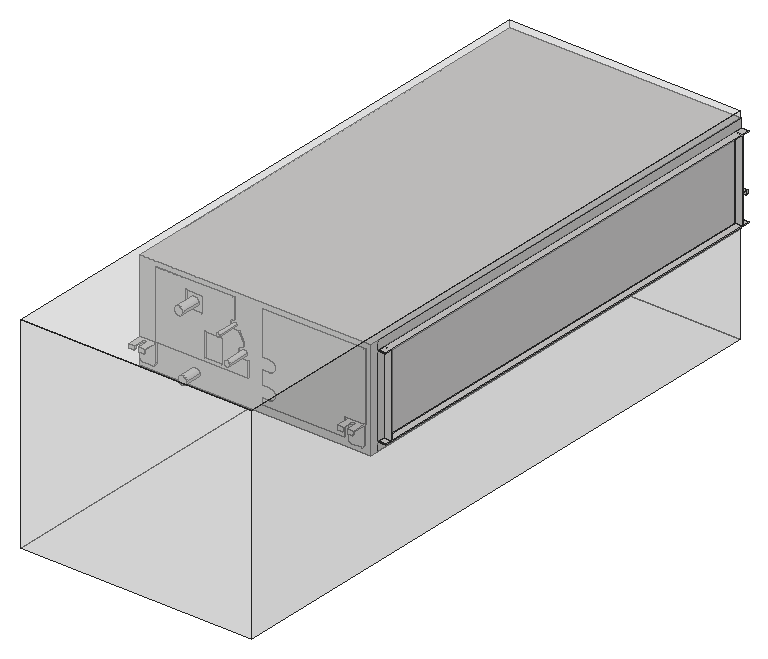
Revit family "outputfile", category 機械設備, Revit 2024
Family settings
  丸型コネクタ寸法 = 半径を使用
  パーツ タイプ = 標準
  OmniClass 番号 = 23.75.10.24.21.27.27
  OmniClass タイトル = Split System Air Conditioning Units
  作業面ベース = いいえ
  常に垂直 = はい
  ロード時にボイドで切り取り = いいえ
  注釈の向きを維持 = いいえ
  共有 = いいえ
  部屋計算ポイント = はい
Parameters (values of type "FDMA140AV1A")
  Description = ""
  製造元 = "Daikin"
  書き出し IFC クラス(タイプ) = "IfcUnitaryEquipmentType"
  定義済み IFC タイプ(タイプ) = "AIRCONDITIONINGUNIT"
  Cost = 0
  モデル = "FDMA140AV1A"
  Type Comments = ""
  Keynote = ""
  Type Image = (empty or 0)
  Assembly Code = ""
  switch_frequency = yes
  r_Liquid Pipe Size = Liquid Pipe Size / 2  # 4.75 mm
  r_Gas Pipe Size = Gas Pipe Size / 2  # 7.95 mm
  r_Drain Pipe Size = Drain Pipe Size / 2  # 12.5 mm
  lw_power = 395.0 mm  # constant formula
  lw_mountinghole1 = if(Depth = 1000.0 mm, 27.0 mm, if(Depth = 1400.0 mm, 28.0 mm, 27.0 mm))  # 28.0 mm
  lh_SA = 165.0 mm  # constant formula
  lw_SA = if(Depth = 550.0 mm, 225.0 mm, if(Depth = 700.0 mm, 300.0 mm, if(Depth = 1000.0 mm, 435.0 mm, if(Depth = 1400.0 mm, 635.0 mm, 725.0 mm))))  # 635.0 mm
  lw_RA = if(Depth = 550.0 mm, 275.0 mm, if(Depth = 700.0 mm, 349.0 mm, if(Depth = 1000.0 mm, 513.0 mm, if(Depth = 1400.0 mm, 713.0 mm, 775.0 mm))))  # 713.0 mm
  lh_power = 60.0 mm + [h***]  # 60.0 mm
  lh_mountinghole1 = lh_mountinghole + [h***]  # 80.0 mm
  lh_RA = 150.0 mm  # constant formula
  ld_power = Depth / 2  # 700.0 mm
  connector_voltage = Voltage_50Hz  # 230 V
  connector_powerinput = [Power Input (Cooling)]  # 4.460 kW
  connector_phase = Phase_50Hz  # 1
  Voltage_comment_50Hz = "220 - 240"
  Voltage_50Hz = 230 V
  URL = ""
  Total Heating Capacity [instance] = 0.000 kW
  Supply Air Direction [instance] = yes
  Sound Power Level_H speed (dB) = 0
  Power Input (Heating) = 4.780 kW
  Phase_50Hz = 1
  Nominal Heating Capacity = 16.500 kW
  Minimum External Static Pressure = 50.00 Pa
  Minimum Circuit Amps_50Hz = 0.0 A
  Maximum Fuse Amps_50Hz = 0.0 A
  Maximum External Static Pressure = 200.00 Pa
  Material_Casing = DAIKIN_GalvanizedSteel_Casing_indoorunit
  lw_mountinghole = 631.0 mm  # constant formula
  lh_gaspipe = 144.0 mm + [h***]  # 144.0 mm
  lh_mountinghole = 80.0 mm  # constant formula
  lh_liquidpipe = 212.0 mm + [h***]  # 212.0 mm
  lh_drainpipe = 232.0 mm + [h***]  # 232.0 mm
  lh_antena = Height - lh_mountinghole + 1.0 mm  # 221.0 mm
  ld_drainpipe = Depth / 2 + 59.0 mm  # 759.0 mm
  ld_liquidpipe = Depth / 2 + 65.0 mm  # 765.0 mm
  ld_gaspipe = Depth / 2 + 65.0 mm  # 765.0 mm
  ld_mountinghole = Depth + 38.0 mm  # 1438.0 mm
  h*** = 0.0 mm  # constant formula
  lw_liquidpipe = 290.0 mm  # constant formula
  lw_gaspipe = 290.0 mm + 28.0 mm  # 318.0 mm
  lw_drainpipe = 167.0 mm  # constant formula
  Width = 700.0 mm
  Version = "ver.1.0"
  Unit Type = "Duct"
  Unit Mass Weight = 95.00 kg
  Unit Designation [instance] = ""
  Uniclass2015Version = "Products v1.30"
  Uniclass2015Title = "Split coil room air conditioning units"
  Uniclass2015Code = "Pr_70_65_03_86"
  Total Cooling Capacity [instance] = 0.000 kW
  Sound Pressure Level_M speed (dBA) = 0
  Sound Pressure Level_L speed (dBA) = 0
  Sound Pressure Level_H speed (dBA) = 52
  Series = "SkyAir_Fan Coil Unit"
  Sensible Cooling Capacity [instance] = 0.000 kW
  SA Duct Size Width = 1160.0 mm
  SA Duct Size Height = 215.0 mm
  Refrigerant Type = "R32"
  RA Duct Size Width = 1325.0 mm
  RA Duct Size Height = 247.0 mm
  Power Input (Cooling) = 4.460 kW
  Option Accessory 3 [instance] = ""
  Option Accessory 2 [instance] = ""
  Option Accessory 1 [instance] = ""
  Nominal Cooling Capacity = 14.000 kW
  Minimum Airflow = 0.00 m³/h
  Median Airflow = 0.00 m³/h
  Maximum Airflow = 5220.00 m³/h
  Load Classification = HVAC
  Liquid Pipe Size = 9.5 mm
  Link_Nested Family [instance] = ""
  IfcVersion = ""
  IfcExportType = "AIRCONDITIONINGUNIT"
  IfcExportAs = "IfcUnitaryEquipmentType"
  Height = 300.0 mm
  Heating Entering Wet Bulb Temperature [instance] = -273.15 °C
  Heating Entering Dry Bulb Temperature [instance] = -273.15 °C
  Heating Ambient Wet Bulb Temperature [instance] = -273.15 °C
  Heating Ambient Dry Bulb Temperature [instance] = -273.15 °C
  Heat Exchanger Type = "Cross Fin Coil"
  Gas Pipe Size = 15.9 mm
  Frequency_50Hz = 50 Hz
  Fan Type = "Sirocco Fan"
  Fan Drive = "-"
  FCU Tag No. [instance] = ""
  Drain Pipe Size = 25.0 mm
  Design Supply Airflow [instance] = 0.00 m³/h
  Design Return Airflow [instance] = 0.00 m³/h
  Design External Static Pressure [instance] = 0.00 Pa
  Depth = 1400.0 mm
  既定の高さ = 0.0 mm
  Cooling Entering Wet Bulb Temperature [instance] = 0.00 °C
  Cooling Entering Dry Bulb Temperature [instance] = 0.00 °C
  Cooling Ambient Wet Bulb Temperature [instance] = 0.00 °C
  Cooling Ambient Dry Bulb Temperature [instance] = 0.00 °C
  Clearance visibility [instance] = yes
  Clearance Top = 20.0 mm
  Clearance Right = 0.0 mm
  Clearance Rear = 0.0 mm
  Clearance Left = 0.0 mm
  Clearance Front = 450.0 mm
  Clearance Bottom = 300.0 mm
Reference planes
  plane 1 "Center (Front/Back)": y = 0
  plane 2 "h": z = 0
  plane 3 "Center (Left/Right)": x = 0
  plane 4 "Back": y = 700
  plane 5 "Front": y = -700
  plane 6 "Left": x = -350
  plane 7 "Right": x = 350
  plane 8 "Top": z = 0
  plane 9 "Bottom": z = -300
  plane 10: y = -215
  plane 11: y = 700
  plane 12: y = -1150
  plane 13: x = -350
  plane 14: x = 350
  plane 15: z = 20
  plane 16: z = -600
  plane 17: x = -350
  plane 18: x = -349
  plane 19: x = 349
  plane 20: y = 65
  plane 21: y = 13
  plane 22: z = -150
  plane 23: y = -701
  plane 24: z = -88
  plane 25: x = -60
  plane 26: y = -765
  plane 27: z = -156
  plane 28: x = -32
  plane 29: y = -759
  plane 30: z = -68
  plane 31: x = -183
  plane 32: x = -183
  plane 33: x = -60
  plane 34: x = -32
  plane 35: x = 45
  plane 36: x = -322
  plane 37: x = 309
  plane 38: y = -719
  plane 39: y = 719
  plane 40: z = -220
  plane 41: z = -135
  plane 42: y = -765
  plane 43: y = -376
  plane 44: y = -699
  plane 45: x = -373
  plane 46: x = 373
  plane 47: y = -749
Forms (mm)
  Extrusion 1, solid, material "DAIKIN_GalvanizedSteel_Casing_indoorunit" <- "Material_Casing"
    sketch origin (0, 0, 0) x (1, 0, 0) y (0, 1, 0)
      loop
        line (-349, 700) -> (-349, -700) -> (349, -700) -> (349, 700) -> (-349, 700)
    from -300 to 0
  Extrusion 2, solid, material "DAIKIN_GalvanizedSteel_Casing_indoorunit" <- "Material_Casing"
    sketch origin (0, 0, 0) x (1, 0, 0) y (0, 0, 1)
      loop
        line (-298.499, -219) -> (-20, -219) -> (-20, -172.5) -> (-37.831, -172.5)
        arc (-37.831, -172.5) -> (-49.389, -154.034) -> (-34, -138.615) r 17.5
        line (-34, -138.615) -> (-34, -127.5) -> (-47, -100.5) -> (-63.571, -100.5)
        arc (-63.571, -100.5) -> (-72.874, -86.197) -> (-60, -75) r 13
        line (-60, -75) -> (-60, -14) -> (-298.499, -14) -> (-298.499, -219)
      loop
        line (-158.5, -43.5) -> (-207.5, -43.5) -> (-207.5, -92.5) -> (-158.5, -92.5) -> (-158.5, -43.5)
      loop
        line (-150.563, -137.796) -> (-150.563, -209.857) -> (-96.517, -209.857) -> (-96.517, -137.796) -> (-150.563, -137.796)
    from 700 to 701
  Extrusion 3, solid, material "DAIKIN_GalvanizedSteel_Casing_indoorunit" <- "Material_Casing"
    sketch origin (0, 0, 0) x (1, 0, 0) y (0, 0, 1)
      loop
        line (23.104, -274.802) -> (272.104, -274.802) -> (272.104, -219.802) -> (335, -219.802) -> (335, -15.8) -> (23.104, -15.8) -> (23.104, -146.302) -> (46.104, -146.302)
        arc (46.104, -146.302) -> (63.604, -163.802) -> (46.104, -181.302) r 17.5
        line (46.104, -181.302) -> (23.104, -181.302) -> (23.104, -222.302) -> (46.104, -222.302)
        arc (46.104, -222.302) -> (63.604, -239.802) -> (46.104, -257.302) r 17.5
        line (46.104, -257.302) -> (23.104, -257.302) -> (23.104, -274.802)
    from 700 to 701
  Extrusion 4, solid, material "DAIKIN_GalvanizedSteel_Casing_indoorunit" <- "Material_Casing"
    sketch origin (0, 0, 0) x (1, 0, 0) y (0, 0, 1)
      loop
        circle (-60, -88) r 4.75
    from 700 to 765
  Extrusion 5, solid, material "DAIKIN_GalvanizedSteel_Casing_indoorunit" <- "Material_Casing"
    sketch origin (0, 0, 0) x (1, 0, 0) y (0, 0, 1)
      loop
        circle (-32, -156) r 7.95
    from 700 to 765
  Extrusion 6, solid, material "DAIKIN_GalvanizedSteel_Casing_indoorunit" <- "Material_Casing"
    sketch origin (0, 0, 0) x (1, 0, 0) y (0, 0, 1)
      loop
        circle (-183, -68) r 12.5
    from 700 to 759
  Extrusion 7, solid, material "DAIKIN_GalvanizedSteel_Casing_indoorunit" <- "Material_Casing"
    sketch origin (0, 0, 0) x (1, 0, 0) y (0, 0, 1)
      loop
        circle (-180, -260) r 12.5
    from 700 to 749
Dimensions and locks
  "Height": plane 8 "Top" to plane 9 "Bottom"
  equal spacing: plane 4 "Back", plane 1 "Center (Front/Back)", plane 5 "Front"
  "Depth": plane 4 "Back" to plane 5 "Front"
  equal spacing: plane 6 "Left", plane 3 "Center (Left/Right)", plane 7 "Right"
  "Width": plane 6 "Left" to plane 7 "Right"
  "Clearance Left": plane 13 to plane 6 "Left"
  "Clearance Right": plane 7 "Right" to plane 14
  "Clearance Rear": plane 11 to plane 4 "Back"
  "Clearance Front": plane 5 "Front" to plane 12
  "Clearance Top": plane 15 to plane 8 "Top"
  "Clearance Bottom": plane 9 "Bottom" to plane 16
  locked: plane 17 to plane 18 at 1
  locked: plane 19 to plane 14 at 1
  "lw_RA": plane 21 to plane 5 "Front"
  "lh_RA": plane 22 to plane 9 "Bottom"
  locked: plane 5 "Front" to plane 23 at 1
  "lw_liquidpipe": plane 25 to plane 6 "Left"
  "lh_liquidpipe": plane 24 to plane 9 "Bottom"
  "lh_gaspipe": plane 27 to plane 9 "Bottom"
  "lw_gaspipe": plane 28 to plane 6 "Left"
  "ld_gaspipe": plane 26 to plane 1 "Center (Front/Back)"
  "ld_drainpipe": plane 29 to plane 1 "Center (Front/Back)"
  "lh_drainpipe": plane 30 to plane 9 "Bottom"
  "lw_drainpipe": plane 31 to plane 6 "Left"
  "lw_drainpipe": plane 6 "Left" to plane 32
  "lw_liquidpipe": plane 6 "Left" to plane 33
  "lw_gaspipe": plane 6 "Left" to plane 34
  "lw_power": plane 6 "Left" to plane 35
  "lw_mountinghole1": plane 17 to plane 36
  "lw_mountinghole": plane 36 to plane 37
  equal spacing: plane 38, plane 1 "Center (Front/Back)", plane 39
  "ld_mountinghole": plane 39 to plane 38
  "lh_mountinghole": plane 40 to plane 9 "Bottom"
  "lh_SA": plane 41 to plane 9 "Bottom"
  locked: plane 44 to plane 5 "Front" at 1
  locked: plane 45 to plane 17 at 23
  locked: plane 14 to plane 46 at 23
  "ld_liquidpipe": plane 42 to plane 1 "Center (Front/Back)"
  locked: Extrusion 7 sketch curve to plane 18 at 169
  locked: Extrusion 7 sketch curve to plane 9 "Bottom" at 40
  locked: Extrusion 2 sketch curve to Extrusion 2 sketch curve at 205
  locked: Extrusion 2 sketch curve to Extrusion 2 sketch curve at 86.5
  locked: Extrusion 2 sketch curve to Extrusion 2 sketch curve at 72
  locked: Extrusion 2 sketch curve to Extrusion 2 sketch curve at 49  (x2)
  locked: Extrusion 2 sketch curve to Extrusion 2 sketch curve at 29.5
  locked: Extrusion 2 sketch curve to Extrusion 2 sketch curve at 72.061
  locked: Extrusion 2 sketch curve to Extrusion 2 sketch curve at 54.046
  locked: Extrusion 2 sketch curve to Extrusion 2 sketch curve at 98.5
  Extrusion 2 sketch curve to connector elem = 40.0 mm
  locked: Extrusion 2 sketch curve to Extrusion 2 sketch curve at 9.143
  locked: Extrusion 2 sketch curve to plane 18 at 50.501
  locked: plane 5 "Front" to plane 47 at 49
  "lw_SA": plane 4 "Back" to plane 20
  "r_Liquid Pipe Size": radius of Extrusion 4 sketch curve
  "r_Gas Pipe Size": radius of Extrusion 5 sketch curve
  "r_Drain Pipe Size": radius of Extrusion 6 sketch curve
  aligned and locked: level to plane 2 "h"
  aligned and locked: plane 8 "Top" to Extrusion 1
  aligned and locked: Extrusion 1 to plane 9 "Bottom"
  aligned and locked: nested 5 to plane 12
  aligned and locked: plane 13 to nested 5
  aligned and locked: plane 14 to nested 5
  aligned and locked: nested 5 to plane 13
  aligned and locked: plane 11 to nested 5
  aligned and locked: plane 15 to nested 5
  aligned and locked: plane 16 to nested 5
  aligned and locked: plane 5 "Front" to Extrusion 1 sketch curve
  aligned and locked: Extrusion 1 to plane 18
  aligned and locked: plane 19 to Extrusion 1
  aligned and locked: nested 7 to plane 18
  aligned and locked: nested 7 to plane 20
  aligned and locked: plane 19 to nested 8
  aligned and locked: plane 21 to nested 8
  aligned and locked: plane 22 to nested 8
  aligned and locked: Extrusion 2 to plane 23
  aligned and locked: plane 5 "Front" to Extrusion 2
  aligned and locked: plane 5 "Front" to Extrusion 3
  aligned and locked: Extrusion 4 sketch curve to plane 25
  aligned and locked: plane 24 to Extrusion 4 sketch curve
  aligned and locked: plane 5 "Front" to Extrusion 4
  aligned and locked: Extrusion 5 sketch curve to plane 28
  aligned and locked: plane 27 to Extrusion 5 sketch curve
  aligned and locked: plane 5 "Front" to Extrusion 5
  aligned and locked: Extrusion 6 sketch curve to plane 31
  aligned and locked: Extrusion 6 sketch curve to plane 30
  aligned and locked: Extrusion 6 to plane 29
  aligned and locked: nested 3 to plane 29
  aligned and locked: nested 3 to plane 32
  aligned and locked: nested 2 to plane 33
  aligned and locked: nested 1 to plane 34
  aligned and locked: Extrusion 5 to plane 26
  aligned and locked: nested 1 to plane 26
  aligned and locked: nested 6 to plane 5 "Front"
  aligned and locked: nested 6 to plane 35
  aligned and locked: plane 36 to nested 10
  aligned and locked: nested 10 to plane 5 "Front"
  aligned and locked: plane 37 to nested 9
  aligned and locked: nested 9 to plane 5 "Front"
  aligned and locked: nested 11 to plane 36
  aligned and locked: plane 4 "Back" to nested 11
  aligned and locked: nested 12 to plane 37
  aligned and locked: plane 4 "Back" to nested 12
  aligned and locked: plane 40 to nested 10
  aligned and locked: plane 40 to nested 11
  aligned and locked: plane 40 to nested 9
  aligned and locked: plane 40 to nested 12
  aligned and locked: plane 36 to nested 14
  aligned and locked: nested 14 to plane 39
  aligned and locked: plane 37 to nested 13
  aligned and locked: nested 13 to plane 39
  aligned and locked: plane 37 to nested 16
  aligned and locked: plane 38 to nested 16
  aligned and locked: plane 38 to nested 15
  aligned and locked: plane 36 to nested 15
  aligned and locked: plane 17 to plane 6 "Left"
  aligned and locked: plane 41 to nested 7
  aligned and locked: Extrusion 4 to plane 42
  aligned and locked: nested 2 to plane 42
  aligned and locked: Extrusion 3 to plane 23
  aligned and locked: nested 17 to plane 20
  aligned and locked: nested 17 to plane 45
  aligned and locked: plane 21 to nested 18
  aligned and locked: plane 46 to nested 18
  aligned and locked: plane 41 to nested 17
  aligned and locked: nested 18 to plane 22
  aligned and locked: nested 4 to plane 3 "Center (Left/Right)"
  aligned and locked: plane 1 "Center (Front/Back)" to nested 4
  aligned and locked: level to plane 8 "Top"
  aligned and locked: plane 5 "Front" to Extrusion 6
  aligned and locked: plane 5 "Front" to Extrusion 7
  aligned and locked: Extrusion 7 to plane 47
Automatic sketch dimensions
  plane 6 "Left" to Extrusion 1 sketch curve = 1.0 mm
  Extrusion 1 sketch curve to plane 7 "Right" = 1.0 mm
  Extrusion 1 sketch curve to plane 4 "Back" = 0.0 mm
  Extrusion 2 sketch curve to Extrusion 2 sketch curve = 13.0 mm
  Extrusion 2 sketch curve to Extrusion 2 sketch curve = 16.571 mm
  plane 41 to Extrusion 2 sketch curve = 7.5 mm
  Extrusion 2 sketch curve to plane 41 = 3.615 mm
  Extrusion 2 sketch curve to Extrusion 2 sketch curve = 2.0 mm
  Extrusion 2 sketch curve to Extrusion 2 sketch curve = 5.831 mm
  plane 40 to Extrusion 2 sketch curve = 1.0 mm
  Extrusion 2 sketch curve to Extrusion 2 sketch curve = 12.5 mm
  Extrusion 2 sketch curve to plane 33 = 90.563 mm
  plane 3 "Center (Left/Right)" to Extrusion 3 sketch curve = 23.104 mm
  Extrusion 3 sketch curve to level = 15.8 mm
  Extrusion 3 sketch curve to plane 19 = 14.0 mm
  plane 40 to Extrusion 3 sketch curve = 0.198 mm
  Extrusion 3 sketch curve to plane 37 = 36.896 mm
  plane 9 "Bottom" to Extrusion 3 sketch curve = 25.198 mm  (x2)
  Extrusion 2 sketch curve to plane 33 = 147.5 mm
  Extrusion 2 sketch curve to Extrusion 2 sketch curve = 17.831 mm
  plane 35 to Extrusion 3 sketch curve = 1.104 mm  (x2)
  plane 22 to Extrusion 3 sketch curve = 3.698 mm
  Extrusion 3 sketch curve to plane 40 = 2.302 mm
  Extrusion 3 sketch curve to Extrusion 3 sketch curve = 17.5 mm
  Extrusion 3 sketch curve to plane 22 = 31.302 mm
  Extrusion 3 sketch curve to plane 35 = 21.896 mm
  Extrusion 3 sketch curve to Extrusion 3 sketch curve = 0.0 mm
  radius of Extrusion 7 sketch curve = 12.5 mm
Nested families
  nested 1: "daikin_connector_rotate2" at (-32, 0, -156), length <- "ld_gaspipe", built-in parameter 1001364 <- "lh_gaspipe", radius <- "r_Gas Pipe Size", type "daikin_connector_rotate2"
    with radius 7.95 mm, length 765.0 mm, angle_vertical 90.00°
  nested 2: "daikin_connector_rotate2" at (-60, 0, -88), length <- "ld_liquidpipe", built-in parameter 1001364 <- "lh_liquidpipe", radius <- "r_Liquid Pipe Size", type "daikin_connector_rotate2"
    with radius 4.75 mm, length 765.0 mm, angle_vertical 90.00°
  nested 3: "daikin_connector_rotate2" at (-183, 0, -68), length <- "ld_drainpipe", built-in parameter 1001364 <- "lh_drainpipe", radius <- "r_Drain Pipe Size", type "daikin_connector_rotate2"
    with radius 12.5 mm, length 759.0 mm, angle_vertical 90.00°
  nested 4: "daikin_△_symbolicline" at (0, 0, 300) x (0, -1, 0) z (0, 0, 1), built-in parameter 1001364 <- "Height", visible <- "Supply Air Direction", type "daikin_△_symbolicline"
    with length 200.0 mm
  nested 5: "daikin_clearancespace" at (0, -225, -289.881), visible <- "Clearance visibility", show <- "Clearance visibility", Link_Nested Family <- "Link_Nested Family", type "daikin_clearancespace"
    with width 700.0 mm, show yes, height 620.0 mm, depth 1850.0 mm, Link_Nested Family ""
  nested 6: "daikin_connector_rotate2" at (45, 0, -240), built-in parameter 1001364 <- "lh_power", length <- "ld_power", type "daikin_connector_rotate2"
    with radius 10.0 mm, length 700.0 mm, angle_vertical 90.00°
  nested 7: "daikin_ductflange_FDMA-AV1A2" at (-349, 65, -135) x (0, -1, 0) z (0, 0, 1), type "daikin_ductflange_FDMA-AV1A2"
    with width 1160.0 mm, w 1400.0 mm
  nested 8: "daikin_ductflange_FDMA-AV1A" at (349, 13, -150) x (0, 1, 0) z (0, 0, 1), type "daikin_ductflange_FDMA-AV1A"
    with width 1325.0 mm, w 1400.0 mm
  nested 9: "daikin_hangerfixture_FDMA-AV1A" at (309, -700, -220), type "daikin_hangerfixture_FDMA-AV1A"
  nested 10: "daikin_hangerfixture_FDMA-AV1A" at (-322, -700, -220), type "daikin_hangerfixture_FDMA-AV1A"
  nested 11: "daikin_hangerfixture_FDMA-AV1A" at (-322, 700, -220) x (-1, 0, 0) z (0, 0, 1), type "daikin_hangerfixture_FDMA-AV1A"
  nested 12: "daikin_hangerfixture_FDMA-AV1A" at (309, 700, -220) x (-1, 0, 0) z (0, 0, 1), type "daikin_hangerfixture_FDMA-AV1A"
  nested 13: "daikin_mountinghole" at (309, 719, -300), h_mountinghole <- "lh_mountinghole1", l_antenna <- "lh_antena", Link_Nested Family <- "Link_Nested Family", type "daikin_mountinghole"
    with show yes, l_antenna 221.0 mm, h_mountinghole 80.0 mm, Link_Nested Family ""
  nested 14: "daikin_mountinghole" at (-322, 719, -300), h_mountinghole <- "lh_mountinghole1", l_antenna <- "lh_antena", Link_Nested Family <- "Link_Nested Family", type "daikin_mountinghole"
    with show yes, l_antenna 221.0 mm, h_mountinghole 80.0 mm, Link_Nested Family ""
  nested 15: "daikin_mountinghole" at (-322, -719, -300), h_mountinghole <- "lh_mountinghole1", l_antenna <- "lh_antena", Link_Nested Family <- "Link_Nested Family", type "daikin_mountinghole"
    with show yes, l_antenna 221.0 mm, h_mountinghole 80.0 mm, Link_Nested Family ""
  nested 16: "daikin_mountinghole" at (309, -719, -300), h_mountinghole <- "lh_mountinghole1", l_antenna <- "lh_antena", Link_Nested Family <- "Link_Nested Family", type "daikin_mountinghole"
    with show yes, l_antenna 221.0 mm, h_mountinghole 80.0 mm, Link_Nested Family ""
  nested 17: "daikin_connector_rotate2" at (-349, 65, -135) x (0, -1, 0) z (0, 0, 1), type "daikin_connector_rotate2"
    with radius 10.0 mm, length 24.0 mm, angle_vertical 90.00°
  nested 18: "daikin_connector_rotate2" at (349, 13, -150) x (0, 1, 0) z (0, 0, 1), type "daikin_connector_rotate2"
    with radius 10.0 mm, length 24.0 mm, angle_vertical 90.00°
Connectors
  piping at (-183, -759, -68), diameter 25, driven by "r_Drain Pipe Size"
    settings: on nested 3, index 3, connector inside diameter 609.6 mm, connector length 0.0 mm, flow factor 0, pipe flow 0.00 m³/h, pressure drop 0.0 Pa, fitting loss kfactor 0, connector angle 0.00°, fixture units 0, engagement length 0.0 mm, angle of deflection 0.00°, flow configuration 1, flow direction 2, fitting loss method 4, system type 16, joint type 0, gender type 0, connector reference index -1, connector utility 0, adjustable connector no, is connector primary yes, connector description "Condensate Drain Piping"
  piping at (-32, -765, -156), diameter 15.9, driven by "r_Gas Pipe Size"
    settings: on nested 1, index 4, connector inside diameter 609.6 mm, connector length 0.0 mm, flow factor 0, pipe flow 0.00 m³/h, pressure drop 0.0 Pa, fitting loss kfactor 0, connector angle 0.00°, fixture units 0, engagement length 0.0 mm, angle of deflection 0.00°, flow configuration 1, flow direction 2, fitting loss method 0, system type 29, joint type 0, gender type 0, connector reference index -1, connector utility 0, adjustable connector no, is connector primary no, connector description "Refrigerant Gas Piping"
  piping at (-60, -765, -88), diameter 9.5, driven by "r_Liquid Pipe Size"
    settings: on nested 2, index 5, connector inside diameter 609.6 mm, connector length 0.0 mm, flow factor 0, pipe flow 0.00 m³/h, pressure drop 0.0 Pa, fitting loss kfactor 0, connector angle 0.00°, fixture units 0, engagement length 0.0 mm, angle of deflection 0.00°, flow configuration 1, flow direction 1, fitting loss method 0, system type 29, joint type 0, gender type 0, connector reference index -1, connector utility 0, adjustable connector no, is connector primary no, connector description "Refrigerant Liquid Piping"
  electrical at (45, -700, -240), driven by "Load Classification", driven by "connector_phase", driven by "connector_powerinput", driven by "connector_voltage"
    settings: on nested 6, index 6, voltage 230 V, apparent load 4460 VA, apparent load phase1 0 VA, apparent load phase2 0 VA, apparent load phase3 0 VA, power factor 1, load classification "HVAC", number of poles 1, system type 30, power factor state 1, is connector primary yes, connector utility no, sub classification motor no, connector description "Power Supply"
  hvac at (-373, 65, -135), driven by "SA Duct Size Height", driven by "SA Duct Size Width"
    settings: on nested 17, index 7, duct flow 0.00 m³/h, flow factor 0, pres drop 0.00 Pa, loss coef 0, conn angle 0.00°, conn width 1160.0 mm, conn height 215.0 mm, conn diameter 609.6 mm, duct sys type 1, conn prof type 1, flow config 0, flow direction 2, loss method 4, conn ref index -1, conn util no, is conn primary yes, conn desc "SA Duct"
  hvac at (373, 13, -150), driven by "RA Duct Size Height", driven by "RA Duct Size Width"
    settings: on nested 18, index 8, duct flow 0.00 m³/h, flow factor 0, pres drop 0.00 Pa, loss coef 0, conn angle 0.00°, conn width 1325.0 mm, conn height 247.0 mm, conn diameter 609.6 mm, duct sys type 2, conn prof type 1, flow config 0, flow direction 1, loss method 4, conn ref index -1, conn util no, is conn primary no, conn desc "RA Duct"
Definition of nested family "daikin_clearancespace"
  Parameters (values of type "daikin_clearancespace")
    Description = "daikin_clearancespace"
    width [instance] = 1823.963 mm
    show [instance] = yes
    material = none
    height [instance] = 1359.762 mm
    depth [instance] = 880.0 mm
    Default Elevation = 0.0 mm
    Link_Nested Family [instance] = ""
  Reference planes
    plane 1 "Center (Front/Back)": y = 0
    plane 2 "Center (Elevation)": z = -0.119
    plane 3 "Center (Left/Right)": x = 0
    plane 4: y = 440
    plane 5: y = -440
    plane 6 "Right": x = 911.982
    plane 7 "Left": x = -911.982
    plane 8 "Top": z = 679.762
    plane 9 "Bottom": z = -680
  Forms (mm)
    Extrusion 1, solid, material <- "material", visible <- "show"
      sketch origin (0, 0, 0) x (1, 0, 0) y (0, 1, 0)
        loop
          line (-911.982, 440) -> (-911.982, -440) -> (911.982, -440) -> (911.982, 440) -> (-911.982, 440)
      from -680 to 679.762
  Lines and regions (mm)
    symbolic lines, visible <- "show"
      curve 1: line (911.982, 440, 0) -> (-911.982, 440, 0)
      curve 2: line (-911.982, 440, 0) -> (-911.982, -440, 0)
      curve 3: line (-911.982, -440, 0) -> (911.982, -440, 0)
      curve 4: line (911.982, -440, 0) -> (911.982, 440, 0)
      curve 5: line (911.982, 0, 679.762) -> (-911.982, 0, 679.762)
      curve 6: line (911.982, 0, -680) -> (911.982, 0, 679.762)
      curve 7: line (-911.982, 0, -680) -> (911.982, 0, -680)
      curve 8: line (-911.982, 0, 679.762) -> (-911.982, 0, -680)
      curve 9: line (0, 440, 679.762) -> (0, -440, 679.762)
      curve 10: line (0, -440, 679.762) -> (0, -440, -680)
      curve 11: line (0, 440, -680) -> (0, 440, 679.762)
      curve 12: line (0, -440, -680) -> (0, 440, -680)
  Dimensions and locks
    "width": plane 7 "Left" to plane 6 "Right"
    "depth": plane 4 to plane 5
    "height": plane 8 "Top" to plane 9 "Bottom"
    equal spacing: plane 7 "Left", plane 3 "Center (Left/Right)", plane 6 "Right"
    equal spacing: plane 4, plane 1 "Center (Front/Back)", plane 5
    equal spacing: plane 8 "Top", plane 2 "Center (Elevation)", plane 9 "Bottom"
    aligned and locked: level to plane 2 "Center (Elevation)"
    aligned and locked: Extrusion 1 sketch curve to plane 4
    aligned and locked: plane 7 "Left" to Extrusion 1 sketch curve
    aligned and locked: Extrusion 1 sketch curve to plane 5
    aligned and locked: Extrusion 1 sketch curve to plane 6 "Right"
    aligned and locked: plane 8 "Top" to Extrusion 1
    aligned and locked: curve 1 to Extrusion 1
    aligned and locked: curve 2 to Extrusion 1
    aligned and locked: curve 3 to Extrusion 1
    aligned and locked: curve 4 to Extrusion 1
    aligned and locked: curve 5 to Extrusion 1
    aligned and locked: curve 6 to Extrusion 1
    aligned and locked: curve 7 to Extrusion 1
    aligned and locked: curve 8 to Extrusion 1
    aligned and locked: curve 9 to Extrusion 1
    aligned and locked: curve 10 to Extrusion 1
    aligned and locked: curve 11 to Extrusion 1
    aligned and locked: curve 12 to Extrusion 1
    aligned and locked: Extrusion 1 to plane 9 "Bottom"
Definition of nested family "daikin_ductflange_FDMA-AV1A2"
  Parameters (values of type "daikin_ductflange_FBFC-DVM92")
    width = if(w = 550.0 mm, 337.0 mm, if(w = 700.0 mm, 492.0 mm, if(w = 1000.0 mm, 760.0 mm, if(w = 1400.0 mm, 1160.0 mm, 1337.0 mm))))  # 760.0 mm
    material = none
    height = 215.0 mm
    depth = 1.0 mm
    w = 1000.0 mm
    Default Elevation = 0.0 mm
  Reference planes
    plane 1 "Center (Front/Back)": y = 0
    plane 2: z = 0
    plane 3 "Center (Left/Right)": x = 0
    plane 4: z = 107.5
    plane 5: z = -107.5
    plane 6: y = -24
    plane 7: z = 132.5
    plane 8: z = 108.5
    plane 9: y = -1
    plane 10: x = -402.5
    plane 11: x = 402.5
    plane 12: z = -132.5
    plane 13: z = -108.5
    plane 14: y = -1
    plane 15: x = 380
    plane 16: x = -380
    plane 17: x = 381
    plane 18: z = 106.5
    plane 19: z = -106.5
    plane 20: x = -381
    plane 21: z = 106.5
    plane 22: z = -106.5
    plane 23: y = -1
  Forms (mm)
    Extrusion 1, solid, material <- "material"
      sketch origin (0, 0, 0) x (0, 1, 0) y (0, 0, 1)
        loop
          line (-24, 107.5) -> (0, 107.5) -> (0, 132.5) -> (-1, 132.5) -> (-1, 108.5) -> (-24, 108.5) -> (-24, 107.5)
      from -402.5 to 402.5
    Extrusion 2, solid, material <- "material"
      sketch origin (0, 0, 0) x (0, 1, 0) y (0, 0, 1)
        loop
          line (-24, -107.5) -> (-24, -108.5) -> (-1, -108.5) -> (-1, -132.5) -> (0, -132.5) -> (0, -107.5) -> (-24, -107.5)
      from -402.5 to 402.5
    Extrusion 3, solid, material <- "material"
      sketch origin (0, 0, 0) x (1, 0, 0) y (0, 0, 1)
        loop
          line (380, 107.5) -> (380, -107.5) -> (402.5, -107.5) -> (402.5, -106.5) -> (381, -106.5) -> (381, 106.5) -> (402.5, 106.5) -> (402.5, 107.5) -> (380, 107.5)
      from 0 to 24
    Extrusion 4, solid, material <- "material"
      sketch origin (0, 0, 0) x (1, 0, 0) y (0, 0, 1)
        loop
          line (-402.5, 107.5) -> (-402.5, 106.5) -> (-381, 106.5) -> (-381, -106.5) -> (-402.5, -106.5) -> (-402.5, -107.5) -> (-380, -107.5) -> (-380, 107.5) -> (-402.5, 107.5)
      from 0 to 24
    Extrusion 5, solid, material <- "material"
      sketch origin (0, 0, 0) x (1, 0, 0) y (0, 0, 1)
        loop
          line (-402.5, 107.5) -> (-402.5, -107.5) -> (-380, -107.5) -> (-380, 107.5) -> (-402.5, 107.5)
        loop
          line (402.5, 107.5) -> (380, 107.5) -> (380, -107.5) -> (402.5, -107.5) -> (402.5, 107.5)
      from 0 to 1
  Cuts and joins
    joined: Extrusion 1, Extrusion 2, Extrusion 3, Extrusion 4, Extrusion 5
  Dimensions and locks
    plane 4 to level to plane 5 = 107.5 mm, 107.5 mm
    locked: plane 6 to plane 1 "Center (Front/Back)" at 24
    locked: plane 9 to plane 1 "Center (Front/Back)" at 1
    locked: plane 8 to plane 4 at 1
    locked: plane 16 to plane 10 at 22.5
    locked: plane 17 to plane 15 at 1
    locked: plane 4 to plane 18 at 1
    locked: plane 19 to plane 5 at 1
    "width": plane 15 to plane 16
    plane 4 to plane 5 = 215.0 mm
    locked: plane 16 to plane 20 at 1
    locked: plane 4 to plane 21 at 1
    locked: plane 22 to plane 5 at 1
    locked: plane 23 to plane 1 "Center (Front/Back)" at 1
    plane 4 to level to plane 5 = 107.5 mm locked, 107.5 mm locked
    locked: plane 5 to plane 13 at 1
    locked: plane 5 to plane 12 at 25
    locked: plane 7 to plane 4 at 25
    equal spacing: plane 15, plane 3 "Center (Left/Right)", plane 16
    locked: plane 11 to plane 15 at 22.5
    plane 11 to plane 10 = 805.0 mm
    aligned and locked: level to plane 2
    aligned and locked: Extrusion 1 to plane 10
    aligned and locked: plane 11 to Extrusion 1
    aligned and locked: plane 5 to Extrusion 2
    aligned and locked: Extrusion 2 to plane 1 "Center (Front/Back)"
    aligned and locked: plane 15 to Extrusion 3 sketch curve
    aligned and locked: Extrusion 3 sketch curve to Extrusion 2  (x2)
    aligned and locked: Extrusion 3 sketch curve to plane 11
    aligned and locked: plane 6 to Extrusion 3
    aligned and locked: Extrusion 2 to plane 10
    aligned and locked: plane 11 to Extrusion 2
    aligned and locked: Extrusion 4 sketch curve to Extrusion 1  (x2)
    aligned and locked: plane 5 to Extrusion 4 sketch curve
    aligned and locked: Extrusion 4 sketch curve to plane 16
    aligned and locked: Extrusion 4 sketch curve to plane 22
    aligned and locked: plane 20 to Extrusion 4 sketch curve
    aligned and locked: plane 21 to Extrusion 4 sketch curve
    aligned and locked: Extrusion 4 to plane 1 "Center (Front/Back)"
    aligned and locked: plane 6 to Extrusion 4
    aligned and locked: Extrusion 5 sketch curve to Extrusion 1  (x4)
    aligned and locked: Extrusion 5 sketch curve to Extrusion 4  (x2)
    aligned and locked: Extrusion 5 sketch curve to Extrusion 3  (x2)
    aligned and locked: Extrusion 5 to plane 1 "Center (Front/Back)"
    aligned and locked: plane 23 to Extrusion 5
  Automatic sketch dimensions
    Extrusion 1 sketch curve to plane 6 = 0.0 mm
    Extrusion 1 sketch curve to plane 7 = 0.0 mm
    Extrusion 1 sketch curve to plane 9 = 0.0 mm
    Extrusion 1 sketch curve to plane 1 "Center (Front/Back)" = 0.0 mm
    Extrusion 1 sketch curve to plane 4 = 0.0 mm
    Extrusion 1 sketch curve to plane 8 = 0.0 mm
    Extrusion 2 sketch curve to plane 6 = 0.0 mm
    plane 12 to Extrusion 2 sketch curve = 0.0 mm
    Extrusion 2 sketch curve to plane 14 = 0.0 mm
    Extrusion 2 sketch curve to plane 1 "Center (Front/Back)" = 0.0 mm
    plane 13 to Extrusion 2 sketch curve = 0.0 mm
    Extrusion 2 sketch curve to plane 5 = 0.0 mm
    Extrusion 3 sketch curve to plane 17 = 0.0 mm
    Extrusion 3 sketch curve to plane 19 = 0.0 mm
    Extrusion 3 sketch curve to plane 18 = 0.0 mm
    Extrusion 3 sketch curve to plane 4 = 0.0 mm
    Extrusion 4 sketch curve to plane 10 = 0.0 mm
Definition of nested family "daikin_ductflange_FDMA-AV1A"
  Parameters (values of type "daikin_ductflange_FBFC-DVM9")
    width = if(w = 550.0 mm, 502.0 mm, if(w = 700.0 mm, 654.0 mm, if(w = 1000.0 mm, 925.0 mm, if(w = 1400.0 mm, 1325.0 mm, 1502.0 mm))))  # 925.0 mm
    material = none
    lw = if(width = 654.0 mm, 23.0 mm, 22.5 mm)  # 22.5 mm
    height = 247.0 mm
    depth = 1.0 mm
    w = 1000.0 mm
    Default Elevation = 0.0 mm
  Reference planes
    plane 1 "Center (Front/Back)": y = 0
    plane 2: z = 0
    plane 3 "Center (Left/Right)": x = 0
    plane 4: z = 123.5
    plane 5: z = -123.5
    plane 6: y = -24
    plane 7: z = 148.5
    plane 8: z = 124.5
    plane 9: y = -1
    plane 10: x = -485
    plane 11: x = 485
    plane 12: z = -149.5
    plane 13: z = -124.5
    plane 14: y = -1
    plane 15: x = 462.5
    plane 16: x = -462.5
    plane 17: x = 463.5
    plane 18: z = 122.5
    plane 19: z = -122.5
    plane 20: x = -463.5
    plane 21: z = 122.5
    plane 22: z = -122.5
    plane 23: y = -1
  Forms (mm)
    Extrusion 1, solid, material <- "material"
      sketch origin (0, 0, 0) x (0, 1, 0) y (0, 0, 1)
        loop
          line (-24, 123.5) -> (0, 123.5) -> (0, 148.5) -> (-1, 148.5) -> (-1, 124.5) -> (-24, 124.5) -> (-24, 123.5)
      from -485 to 485
    Extrusion 2, solid, material <- "material"
      sketch origin (0, 0, 0) x (0, 1, 0) y (0, 0, 1)
        loop
          line (-24, -123.5) -> (-24, -124.5) -> (-1, -124.5) -> (-1, -149.5) -> (0, -149.5) -> (0, -123.5) -> (-24, -123.5)
      from -485 to 485
    Extrusion 3, solid, material <- "material"
      sketch origin (0, 0, 0) x (1, 0, 0) y (0, 0, 1)
        loop
          line (462.5, 123.5) -> (462.5, -123.5) -> (485, -123.5) -> (485, -122.5) -> (463.5, -122.5) -> (463.5, 122.5) -> (485, 122.5) -> (485, 123.5) -> (462.5, 123.5)
      from 0 to 24
    Extrusion 4, solid, material <- "material"
      sketch origin (0, 0, 0) x (1, 0, 0) y (0, 0, 1)
        loop
          line (-485, 123.5) -> (-485, 122.5) -> (-463.5, 122.5) -> (-463.5, -122.5) -> (-485, -122.5) -> (-485, -123.5) -> (-462.5, -123.5) -> (-462.5, 123.5) -> (-485, 123.5)
      from 0 to 24
    Extrusion 5, solid, material <- "material"
      sketch origin (0, 0, 0) x (1, 0, 0) y (0, 0, 1)
        loop
          line (-485, 123.5) -> (-485, -123.5) -> (-462.5, -123.5) -> (-462.5, 123.5) -> (-485, 123.5)
        loop
          line (485, 123.5) -> (462.5, 123.5) -> (462.5, -123.5) -> (485, -123.5) -> (485, 123.5)
      from 0 to 1
  Cuts and joins
    joined: Extrusion 1, Extrusion 2, Extrusion 3, Extrusion 4, Extrusion 5
  Dimensions and locks
    plane 4 to level to plane 5 = 123.5 mm, 123.5 mm
    locked: plane 6 to plane 1 "Center (Front/Back)" at 24
    locked: plane 9 to plane 1 "Center (Front/Back)" at 1
    locked: plane 8 to plane 4 at 1
    "lw": plane 11 to plane 15
    "lw": plane 16 to plane 10
    locked: plane 17 to plane 15 at 1
    locked: plane 4 to plane 18 at 1
    locked: plane 19 to plane 5 at 1
    "width": plane 15 to plane 16
    equal spacing: plane 15, plane 3 "Center (Left/Right)", plane 16
    locked: plane 16 to plane 20 at 1
    locked: plane 4 to plane 21 at 1
    locked: plane 22 to plane 5 at 1
    locked: plane 23 to plane 1 "Center (Front/Back)" at 1
    locked: plane 7 to plane 4 at 25
    locked: plane 1 "Center (Front/Back)" to plane 14 at 1
    locked: plane 5 to plane 13 at 1
    "height": plane 4 to plane 5
    plane 11 to plane 10 = 970.0 mm
    locked: plane 12 to plane 13 at 25
    equal spacing: plane 4, level, plane 5
    aligned and locked: level to plane 2
    aligned and locked: Extrusion 1 to plane 10
    aligned and locked: plane 11 to Extrusion 1
    aligned and locked: plane 5 to Extrusion 2
    aligned and locked: Extrusion 2 to plane 1 "Center (Front/Back)"
    aligned and locked: plane 15 to Extrusion 3 sketch curve
    aligned and locked: Extrusion 3 sketch curve to Extrusion 2  (x2)
    aligned and locked: Extrusion 3 sketch curve to plane 11
    aligned and locked: plane 6 to Extrusion 3
    aligned and locked: Extrusion 2 to plane 10
    aligned and locked: plane 11 to Extrusion 2
    aligned and locked: Extrusion 4 sketch curve to Extrusion 1  (x2)
    aligned and locked: plane 5 to Extrusion 4 sketch curve
    aligned and locked: Extrusion 4 sketch curve to plane 16
    aligned and locked: Extrusion 4 sketch curve to plane 22
    aligned and locked: plane 20 to Extrusion 4 sketch curve
    aligned and locked: plane 21 to Extrusion 4 sketch curve
    aligned and locked: Extrusion 4 to plane 1 "Center (Front/Back)"
    aligned and locked: plane 6 to Extrusion 4
    aligned and locked: Extrusion 5 sketch curve to Extrusion 1  (x4)
    aligned and locked: Extrusion 5 sketch curve to Extrusion 4  (x2)
    aligned and locked: Extrusion 5 sketch curve to Extrusion 3  (x2)
    aligned and locked: Extrusion 5 to plane 1 "Center (Front/Back)"
    aligned and locked: plane 23 to Extrusion 5
  Automatic sketch dimensions
    Extrusion 1 sketch curve to plane 6 = 0.0 mm
    Extrusion 1 sketch curve to plane 7 = 0.0 mm
    Extrusion 1 sketch curve to plane 9 = 0.0 mm
    Extrusion 1 sketch curve to plane 1 "Center (Front/Back)" = 0.0 mm
    Extrusion 1 sketch curve to plane 4 = 0.0 mm
    Extrusion 1 sketch curve to plane 8 = 0.0 mm
    Extrusion 2 sketch curve to plane 6 = 0.0 mm
    plane 12 to Extrusion 2 sketch curve = 0.0 mm
    Extrusion 2 sketch curve to plane 14 = 0.0 mm
    Extrusion 2 sketch curve to plane 1 "Center (Front/Back)" = 0.0 mm
    plane 13 to Extrusion 2 sketch curve = 0.0 mm
    Extrusion 2 sketch curve to plane 5 = 0.0 mm
    Extrusion 3 sketch curve to plane 17 = 0.0 mm
    Extrusion 3 sketch curve to plane 19 = 0.0 mm
    Extrusion 3 sketch curve to plane 18 = 0.0 mm
    Extrusion 3 sketch curve to plane 4 = 0.0 mm
    Extrusion 4 sketch curve to plane 10 = 0.0 mm
Definition of nested family "daikin_hangerfixture_FDMA-AV1A"
  Parameters (values of type "daikin_hangerfixture_FBFC-DVM9")
    width = 80.0 mm
    material = none
    height = 65.0 mm
    depth = 50.0 mm
    Default Elevation = 0.0 mm
  Reference planes
    plane 1 "Center (Front/Back)": y = 0
    plane 2: z = 0
    plane 3 "Center (Left/Right)": x = 0
    plane 4: y = 417.146
    plane 5: y = -45
    plane 6: x = -24
    plane 7: x = 24
    plane 8: z = -2.3
    plane 9: z = -65
    plane 10: y = -2.3
    plane 11: z = -12
    plane 12: y = -42.7
  Forms (mm)
    Extrusion 1, solid, material <- "material"
      sketch origin (0, 0, 0) x (1, 0, 0) y (0, 1, 0)
        loop
          line (-24, 0) -> (-24, -45) -> (-6, -45) -> (-6, -19)
          arc (-6, -19) -> (0, -13) -> (6, -19) r 6
          line (6, -19) -> (6, -45) -> (24, -45) -> (24, 0) -> (-24, 0)
      from 0 to -2.3
    Extrusion 2, solid, material <- "material"
      sketch origin (0, 0, 0) x (1, 0, 0) y (0, 0, 1)
        loop
          line (24, -55) -> (24, 0) -> (-24, 0) -> (-24, -55)
          arc (-24, -55) -> (-21.071, -62.071) -> (-14, -65) r 10
          line (-14, -65) -> (14, -65)
          arc (14, -65) -> (21.071, -62.071) -> (24, -55) r 10
      from 0 to 2.3
    Extrusion 3, solid, material <- "material"
      sketch origin (0, 0, 0) x (1, 0, 0) y (0, 0, 1)
        loop
          line (-24, 0) -> (-24, -9)
          arc (-24, -9) -> (-23.121, -11.121) -> (-21, -12) r 3
          line (-21, -12) -> (-9, -12)
          arc (-9, -12) -> (-6.879, -11.121) -> (-6, -9) r 3
          line (-6, -9) -> (-6, 0) -> (-24, 0)
        loop
          line (24, 0) -> (6, 0) -> (6, -9)
          arc (6, -9) -> (6.879, -11.121) -> (9, -12) r 3
          line (9, -12) -> (21, -12)
          arc (21, -12) -> (23.121, -11.121) -> (24, -9) r 3
          line (24, -9) -> (24, 0)
      from 42.7 to 45
  Cuts and joins
    joined: Extrusion 1, Extrusion 2, Extrusion 3
  Dimensions and locks
    plane 2 to plane 8 = 2.3 mm
    "height": plane 2 to plane 9
    locked: plane 10 to plane 1 "Center (Front/Back)" at 2.3
    locked: plane 2 to plane 11 at 12
    locked: plane 12 to plane 5 at 2.3
    plane 5 to plane 1 "Center (Front/Back)" = 45.0 mm
    aligned and locked: level to plane 2
    aligned and locked: Extrusion 1 to plane 8
    aligned and locked: plane 2 to Extrusion 1
    aligned and locked: plane 2 to Extrusion 2 sketch curve
    aligned and locked: Extrusion 2 to plane 10
    aligned and locked: Extrusion 2 to plane 1 "Center (Front/Back)"
  Automatic sketch dimensions
    Extrusion 3 sketch curve to level = 0.0 mm  (x2)
    Extrusion 3 sketch curve to plane 11 = 0.0 mm  (x2)
    plane 11 to Extrusion 3 sketch curve = 3.0 mm  (x2)
    plane 3 "Center (Left/Right)" to Extrusion 3 sketch curve = 6.0 mm
    Extrusion 3 sketch curve to Extrusion 3 sketch curve = 3.0 mm  (x2)
    plane 1 "Center (Front/Back)" to Extrusion 1 sketch curve = 0.0 mm
    Extrusion 1 sketch curve to plane 3 "Center (Left/Right)" = 0.0 mm
    Extrusion 1 sketch curve to plane 3 "Center (Left/Right)" = 6.0 mm
    plane 6 to Extrusion 1 sketch curve = 0.0 mm
    Extrusion 1 sketch curve to plane 7 = 0.0 mm
    Extrusion 1 sketch curve to plane 10 = 16.7 mm
    Extrusion 1 sketch curve to plane 5 = 0.0 mm  (x2)
    Extrusion 3 sketch curve to plane 3 "Center (Left/Right)" = 6.0 mm
    Extrusion 3 sketch curve to Extrusion 3 sketch curve = 12.0 mm  (x2)
    Extrusion 2 sketch curve to plane 6 = 0.0 mm
    Extrusion 2 sketch curve to plane 9 = 0.0 mm
    Extrusion 2 sketch curve to plane 7 = 0.0 mm
    plane 6 to Extrusion 2 sketch curve = 10.0 mm
    plane 3 "Center (Left/Right)" to Extrusion 2 sketch curve = 14.0 mm
Definition of nested family "daikin_connector_rotate2"
  Parameters (values of type "daikin_connector_rotate2")
    Default Elevation = 1219.2 mm
    show_face = no
    radius [instance] = 10.0 mm
    length [instance] = 600.0 mm
    d_surface = 10.0 mm
    angle_vertical [instance] = 90.00°
  Reference planes
    plane 1 "Center (Front/Back)": y = 0
    plane 2: z = 0
    plane 3 "Center (Left/Right)": x = 0
  Forms (mm)
    Extrusion 1, solid, visible <- "show_face"
      sketch origin (0, -600, 0) x (1, 0, 0) y (0, 0, 1)
        loop
          circle (0, 0) r 10
      from 0 to -10
  Lines and regions (mm)
    reference lines
      curve 1: line (0, 0, 0) -> (0, -600, 0)
    symbolic lines
      curve 2: circle (0, 0, 0) r 5 normal (0, 0, 1)
    model lines, visible <- "show_face"
      curve 3: line (0, 0, 0) -> (0, -600, 0)
  Dimensions and locks
    "length": curve 1 to curve 1
    "length": curve 3 to curve 3
    "d_surface": Extrusion 1 to Extrusion 1
    "radius": radius of Extrusion 1 sketch curve
    "angle_vertical": angle curve 1 to plane 1 "Center (Front/Back)"
    "angle_vertical": angle curve 3 to plane 1 "Center (Front/Back)"
    aligned and locked: level to plane 2
    aligned and locked: plane 1 "Center (Front/Back)" to curve 1
    aligned and locked: plane 2 to curve 1
    aligned and locked: plane 1 "Center (Front/Back)" to curve 2
    aligned and locked: plane 3 "Center (Left/Right)" to curve 2
    aligned and locked: plane 1 "Center (Front/Back)" to curve 3
    aligned and locked: plane 2 to curve 3
    aligned and locked: Extrusion 1 to Extrusion 1
  Automatic sketch dimensions
    Extrusion 1 sketch curve to level = 0.0 mm
    Extrusion 1 sketch curve to plane 3 "Center (Left/Right)" = 0.0 mm
    radius of curve 2 = 5.0 mm
Definition of nested family "daikin_△_symbolicline"
  Parameters (values of type "daikin_△_symbolicline")
    length [instance] = 200.0 mm
    Default Elevation = 0.0 mm
  Reference planes
    plane 1 "Center (Front/Back)": y = 0
    plane 2: z = 0
    plane 3 "Center (Left/Right)": x = 0
  Lines and regions (mm)
    symbolic lines
      curve 1: line (0, -173.205, 0) -> (100, 0, 0)
      curve 2: line (100, 0, 0) -> (-100, 0, 0)
      curve 3: line (-100, 0, 0) -> (0, -173.205, 0)
  Dimensions and locks
    equal spacing: curve 3, plane 3 "Center (Left/Right)", curve 2
    "length": curve 3 to curve 2
    "length": curve 3 to curve 3
    "length": curve 1 to curve 1
    aligned and locked: level to plane 2
    aligned and locked: curve 2 to plane 1 "Center (Front/Back)"
    aligned and locked: plane 3 "Center (Left/Right)" to curve 3
Definition of nested family "daikin_mountinghole"
  Parameters (values of type "daikin_mountinghole")
    Default Elevation = 1219.2 mm
    Type Comments = "mountinghole"
    show [instance] = yes
    material = none
    l_centerline = 100.0 mm
    l_antenna [instance] = 100.0 mm
    h_mountinghole [instance] = 0.0 mm
    d_circle = 30.0 mm
    Link_Nested Family [instance] = ""
  Reference planes
    plane 1 "Center (Front/Back)": y = 0
    plane 2: z = 0
    plane 3 "Center (Left/Right)": x = 0
    plane 4: y = 50
    plane 5: x = -50
    plane 6: x = 50
    plane 7: y = -50
    plane 8 "h_mountinghole": z = 0
    plane 9: z = 100
  Lines and regions (mm)
    model lines, detail levels fine
      curve 1: circle (0, 0, 0) r 15 normal (0, 0, 1)
      curve 2: line (-50, 0, 0) -> (50, 0, 0)
      curve 3: line (0, 50, 0) -> (0, -50, 0)
    symbolic lines, detail levels fine
      curve 4: circle (0, 0, 0) r 15 normal (0, 0, 1)
      curve 5: line (-50, 0, 0) -> (50, 0, 0)
      curve 6: line (0, 50, 0) -> (0, -50, 0)
    model lines
      curve 7: line (0, 0, 100) -> (0, 0, 0)
  Dimensions and locks
    equal spacing: plane 4, plane 1 "Center (Front/Back)", plane 7
    "l_centerline": plane 4 to plane 7
    equal spacing: plane 5, plane 3 "Center (Left/Right)", plane 6
    "l_centerline": plane 5 to plane 6
    "l_antenna": plane 9 to plane 8 "h_mountinghole"
    "h_mountinghole": plane 8 "h_mountinghole" to plane 2
    "d_circle": diameter of curve 1
    "d_circle": diameter of curve 4
    aligned and locked: level to plane 2
    aligned and locked: plane 1 "Center (Front/Back)" to curve 1
    aligned and locked: plane 3 "Center (Left/Right)" to curve 1
    aligned and locked: plane 1 "Center (Front/Back)" to curve 2
    aligned and locked: curve 3 to plane 3 "Center (Left/Right)"
    aligned and locked: plane 6 to curve 2
    aligned and locked: plane 5 to curve 2
    aligned and locked: plane 4 to curve 3
    aligned and locked: plane 7 to curve 3
    aligned and locked: plane 1 "Center (Front/Back)" to curve 4
    aligned and locked: plane 3 "Center (Left/Right)" to curve 4
    aligned and locked: plane 6 to curve 5
    aligned and locked: plane 5 to curve 5
    aligned and locked: plane 1 "Center (Front/Back)" to curve 5
    aligned and locked: plane 4 to curve 6
    aligned and locked: plane 7 to curve 6
    aligned and locked: curve 6 to plane 3 "Center (Left/Right)"
    aligned and locked: curve 7 to plane 3 "Center (Left/Right)"
    aligned and locked: plane 9 to curve 7
    aligned and locked: plane 8 "h_mountinghole" to curve 7
